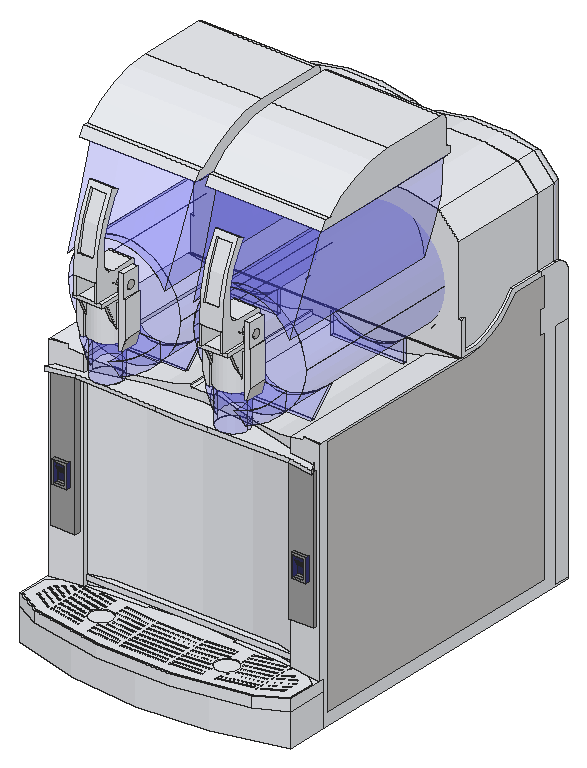
Revit family "QF_ELECTROLUXPROFESSIONAL_560051_NINA2ITNKUK", category Specialty Equipment, Revit 2018
Family settings
  Round Connector Dimension = Use Diameter
  Part Type = Normal
  Work Plane-Based = No
  Always vertical = Yes
  Cut with Voids When Loaded = No
  Shared = No
  Room Calculation Point = No
Parameters (values of type "QF_ELECTROLUX_560051_NINA2ITNKUK.rfa")
  Weight = 26.00 kg
  Watts = 0 W
  Volts = 230 V
  URL Manufacturer = "http://professional.electrolux.com"
  URL = "http://professional.electrolux.com"
  Steam Supply Size = 0 mm
  Steam Supply Minimum Pressure = 0.0 Pa
  Steam Supply Maximum Pressure = 0.0 Pa
  Steam Pounds per Hour = 0
  Refrigeration Suction Line Size = 0 mm
  Refrigeration Liquid Line Size = 0 mm
  Refrigerant Compressor Remote = yes
  Manufacturer = "Electrolux"
  Phase = 1
  Model = "NINA2ITNKUK"
  Length Actual = 280.0 mm  # constant formula
  Item Number = "560051"
  Hot Water Size = 0 mm
  Height Actual = 477.0 mm  # constant formula
  HP = "0.7 HP"
  Gas Size = 0 mm
  Gas KW = 0
  Gas Input Pressure = 0 W
  Direct Waste Size = 0 mm
  Description = "1X2 LT BOWL - FROZEN CREAM DISPENSER - 2 INSULATED BOWLS - WHITE - UK"
  Depth Actual = 387.0 mm  # constant formula
  Cycle = 50 Hz
  Condensate Return Size = 0 mm
  Compressed Air Volume = 0.0 L/s
  Compressed Air Size = 0 mm
  Compressed Air Pressure = 0.0 Pa
  Cold Water Size = 0 mm
  Accessory = yes
Reference planes
  plane 1 "Center (Front/Back)": y = 0
  plane 2 "BASE": z = 0
  plane 3 "Center (Left/Right)": x = 0
  plane 4 "FEET": z = 10
  plane 5 "FRONT": y = -175
  plane 6 "BACK": y = 212.5
  plane 7 "LEFT": x = -140
  plane 8 "RIGHT": x = 140
  plane 9: y = 152.5
  plane 10: y = -118.5
  plane 11: y = -77.5
  plane 12: z = 498
Forms (mm)
  Extrusion 1, solid, material "QF_Finishes_White"
    sketch origin (0, 0, 10) x (-1, 0, 0) y (0, -1, 0)
      loop
        line (140, -212.5) -> (140, 111) -> (-140, 111) -> (-140, -212.5) -> (140, -212.5)
    from 0 to 2
  Extrusion 2, solid, material "QF_Finishes_White"
    sketch origin (0, -5, 10) x (-1, 0, 0) y (0, -1, 0)
      loop
        line (140, 103.5) -> (106.954, 98.856) -> (106.954, 95.826)
        arc (106.954, 95.826) -> (0, 77.869) -> (-106.954, 95.826) r 327.496
        line (-106.954, 95.826) -> (-106.954, 98.856) -> (-140, 103.5) -> (-140, -201.772) -> (140, -201.772) -> (140, 103.5)
    from 265 to 0
  Extrusion 3, solid, material "QF_Finishes_Rubber Black"
    sketch origin (0, 0, 0) x (1, 0, 0) y (0, 1, 0)
      loop
        circle (-120, -77.5) r 6
    from 0 to 6
  Extrusion 4, solid, material "QF_Finishes_Rubber Black"
    sketch origin (0, 0, 0) x (1, 0, 0) y (0, 1, 0)
      loop
        circle (-120, -77.5) r 8
    from 6 to 10
  Extrusion 5, solid, material "QF_Finishes_Rubber Black"
    sketch origin (120, 0, 0) x (1, 0, 0) y (0, 1, 0)
      loop
        circle (0, -77.5) r 6
    from 0 to 6
  Extrusion 6, solid, material "QF_Finishes_Rubber Black"
    sketch origin (120, 0, 0) x (1, 0, 0) y (0, 1, 0)
      loop
        circle (0, -77.5) r 8
    from 6 to 10
  Extrusion 7, solid, material "QF_Finishes_Rubber Black"
    sketch origin (0, 210, 0) x (1, 0, 0) y (0, 1, 0)
      loop
        circle (-120, -57.5) r 6
    from 0 to 6
  Extrusion 8, solid, material "QF_Finishes_Rubber Black"
    sketch origin (0, 210, 0) x (1, 0, 0) y (0, 1, 0)
      loop
        circle (-120, -57.5) r 8
    from 6 to 10
  Extrusion 9, solid, material "QF_Finishes_Rubber Black"
    sketch origin (120, 210, 0) x (1, 0, 0) y (0, 1, 0)
      loop
        circle (0, -57.5) r 6
    from 0 to 6
  Extrusion 10, solid, material "QF_Finishes_Rubber Black"
    sketch origin (120, 210, 0) x (1, 0, 0) y (0, 1, 0)
      loop
        circle (0, -57.5) r 8
    from 6 to 10
  Extrusion 11, void
    sketch origin (0, -175, 0) x (-1, 0, 0) y (0, 0, 1)
      loop
        line (-106.954, 269.173) -> (-106.954, 266.696)
        arc (-106.954, 266.696) -> (-60, 258.966) -> (-13.046, 266.696) r 146.469
        line (-13.046, 266.696) -> (-13.046, 265.525)
        arc (-13.046, 265.525) -> (-12.46, 264.111) -> (-11.046, 263.525) r 2
        line (-11.046, 263.525) -> (11.046, 263.525)
        arc (11.046, 263.525) -> (12.46, 264.111) -> (13.046, 265.525) r 2
        line (13.046, 265.525) -> (13.046, 266.696)
        arc (13.046, 266.696) -> (60, 258.966) -> (106.954, 266.696) r 146.469
        line (106.954, 266.696) -> (106.954, 269.173) -> (140, 275) -> (140, 295) -> (-140, 295) -> (-140, 275) -> (-106.954, 269.173)
    from 69 to 247.582
  Extrusion 12, solid, material "QF_Finishes_White"
    sketch origin (0, 212.5, 0) x (-1, 0, 0) y (0, 0, 1)
      loop
        line (-140, 251.153) -> (140, 251.153) -> (140, 309.757) -> (137, 309.757) -> (137, 381.299) -> (116.549, 404.013)
        arc (116.549, 404.013) -> (65, 410.949) -> (13.451, 404.013) r 195.011
        line (13.451, 404.013) -> (0, 398.849) -> (-13.451, 404.013)
        arc (-13.451, 404.013) -> (-65, 410.949) -> (-116.549, 404.013) r 195.011
        line (-116.549, 404.013) -> (-137, 381.299) -> (-137, 309.747) -> (-140, 309.747) -> (-140, 251.153)
    from 0 to -35
  Sweep 13, void
    path origin (0, 212.5, 0) x (-1, 0, 0) y (0, 0, 1)
      loop
        line (140, 309.757) -> (137, 309.757) -> (137, 381.299) -> (116.549, 404.013)
        arc (116.549, 404.013) -> (65, 410.949) -> (13.451, 404.013) r 195.011
        line (13.451, 404.013) -> (0, 398.849) -> (-13.451, 404.013)
        arc (-13.451, 404.013) -> (-65, 410.949) -> (-116.549, 404.013) r 195.011
        line (-116.549, 404.013) -> (-137, 381.299) -> (-137, 309.747) -> (-140, 309.747)
    profile origin (126.774, 212.5, 392.656) x (-0.743145, 0, -0.669131) y (0, 1, 0)
      loop
        line (0, 0) -> (0, -14)
        arc (0, -14) -> (4.101, -4.101) -> (14, 0) r 14
        line (14, 0) -> (0, 0)
  Extrusion 14, void
    sketch origin (0, 212.5, 0) x (-1, 0, 0) y (0, 0, 1)
      loop
        line (16.817, 275.021) -> (113.183, 275.021) -> (113.183, 365.145)
        arc (113.183, 365.145) -> (65, 375.392) -> (16.817, 365.145) r 118.404
        line (16.817, 365.145) -> (16.817, 275.021)
      loop
        line (-16.817, 275.021) -> (-16.817, 365.145)
        arc (-16.817, 365.145) -> (-65, 375.392) -> (-113.183, 365.145) r 118.404
        line (-113.183, 365.145) -> (-113.183, 275.021) -> (-16.817, 275.021)
    from 0 to -5
  Extrusion 15, solid, material "QF_Finishes_White"
    sketch origin (0, 212.5, 0) x (-1, 0, 0) y (0, 0, 1)
      loop
        line (-140, 251.153) -> (-140, 12) -> (-56.141, 12) -> (-56.141, 40.419) -> (56.141, 40.419) -> (56.141, 12) -> (140, 12) -> (140, 251.153) -> (-140, 251.153)
    from 0 to -15.728
  Extrusion 16, solid, material "QF_Finishes_White"
    sketch origin (0, 0, 23) x (0, 1, 0) y (0, 0, 1)
      loop
        line (182.5, 250) -> (182.5, 281.747) -> (144.485, 281.747)
        arc (144.485, 281.747) -> (116.312, 257.654) -> (80.04, 250) r 74.988
        line (80.04, 250) -> (182.5, 250)
    from -80 to -75
  Extrusion 17, void
    sketch origin (140, 0, 0) x (0, -1, 0) y (0, 0, 1)
      loop
        line (-144.485, 304.747) -> (-182.5, 304.747) -> (-182.5, 274.585) -> (-98.821, 274.585)
        arc (-98.821, 274.585) -> (-124.503, 285.352) -> (-144.485, 304.747) r 74.988
    from 2 to 0
  Extrusion 18, void
    sketch origin (80, 0, 25) x (0, 1, 0) y (0, 0, -1)
      loop
        line (182.5, -250) -> (182.5, -245) -> (80.082, -245) -> (80.082, -248) -> (86.308, -248)
        arc (86.308, -248) -> (93.529, -248.653) -> (100.653, -250) r 74.988
        line (100.653, -250) -> (182.5, -250)
    from 0 to 2
  Extrusion 19, solid, material "QF_Finishes_Stainless Steel"
    sketch origin (140, 0, 0) x (0, -1, 0) y (0, 0, 1)
      loop
        line (-182.5, 22) -> (98.5, 22) -> (98.5, 273) -> (-86.308, 273)
        arc (-86.308, 273) -> (-93.529, 273.653) -> (-100.653, 275) r 74.988
        arc (-100.653, 275) -> (-125.283, 285.874) -> (-144.485, 304.747) r 74.988
        line (-144.485, 304.747) -> (-182.5, 304.747) -> (-182.5, 22)
    from 0 to 2
  Extrusion 20, solid, material "QF_Finishes_White"
    sketch origin (0, 212.5, 0) x (-1, 0, 0) y (0, 0, 1)
      loop
        line (13.451, 404.013) -> (0, 389.073) -> (-13.451, 404.013)
        arc (-13.451, 404.013) -> (-65, 410.949) -> (-116.549, 404.013) r 195.011
        line (-116.549, 404.013) -> (-137, 381.299) -> (-137, 309.747) -> (-140, 309.747) -> (-140, 275) -> (140, 275) -> (140, 309.757) -> (137, 309.757) -> (137, 381.299) -> (116.549, 404.013)
        arc (116.549, 404.013) -> (65, 410.949) -> (13.451, 404.013) r 195.011
    from -137.418 to -35
  Extrusion 21, solid, material "QF_Plastic-Black-Matte"
    sketch origin (-140, -10.476, 25) x (0, 1, 0) y (0, 0, 1)
      loop
        line (-98.024, 125.394) -> (-98.024, 139.994)
        arc (-98.024, 139.994) -> (-101.113, 140.604) -> (-103.877, 139.098) r 4.629
        line (-103.877, 139.098) -> (-100.57, 133.042) -> (-100.57, 125.394) -> (-98.024, 125.394)
    from 12.243 to 20.243
  Extrusion 22, solid, material "QF_Finishes_White"
    sketch origin (0, 0, 0) x (1, 0, 0) y (0, 1, 0)
      loop
        line (-140, -103.5) -> (-140, -145.5)
        arc (-140, -145.5) -> (0, -170.312) -> (140, -145.5) r 407.377
        line (140, -145.5) -> (140, -103.5) -> (106.954, -98.856) -> (106.954, -95.826)
        arc (106.954, -95.826) -> (0, -77.869) -> (-106.954, -95.826) r 327.496
        line (-106.954, -95.826) -> (-106.954, -98.856) -> (-140, -103.5)
    from 44.115 to 10
  Extrusion 23, solid, material "QF_Finishes_White"
    sketch origin (0, -175, 0) x (-1, 0, 0) y (0, 0, 1)
      loop
        line (106.954, 65.505) -> (-106.954, 65.505) -> (-106.954, 60.037) -> (106.954, 60.037) -> (106.954, 65.505)
    from 73.644 to 80.22
  Extrusion 24, void
    sketch origin (0, 0, 0) x (1, 0, 0) y (0, 1, 0)
      loop
        line (-138, -105.239) -> (-138, -137.462) -> (-109.325, -153.356)
        arc (-109.325, -153.356) -> (0, -167) -> (109.325, -153.356) r 444.831
        line (109.325, -153.356) -> (138, -137.462) -> (138, -105.239) -> (104.954, -100.594) -> (104.954, -97.548)
        arc (104.954, -97.548) -> (0, -80.148) -> (-104.954, -97.548) r 325.218
        line (-104.954, -97.548) -> (-104.954, -100.594) -> (-138, -105.239)
    from 55.5 to 23.889
  Extrusion 25, solid, material "QF_Finishes_White"
    sketch origin (0, 0, 0) x (1, 0, 0) y (0, 1, 0)
      loop
        line (-44.954, -100.084) -> (-123.341, -104.427) -> (-138, -116.081) -> (-138, -144.322) -> (-111.556, -158.98)
        arc (-111.556, -158.98) -> (0, -173) -> (111.556, -158.98) r 450.831
        line (111.556, -158.98) -> (138, -144.322) -> (138, -116.081) -> (123.341, -104.427) -> (44.954, -100.594) -> (44.954, -97.548)
        arc (44.954, -97.548) -> (0, -94.283) -> (-44.954, -97.548) r 311.082
        line (-44.954, -97.548) -> (-44.954, -100.084)
      loop
        circle (-65, -134.447) r 11.53
      loop
        arc (-104.707, -150.384) -> (-88.083, -154.11) -> (-71.328, -157.191) r 440.831
        line (-71.328, -157.191) -> (-71.328, -155.164)
        arc (-71.328, -155.164) -> (-88.084, -152.069) -> (-104.707, -148.325) r 438.831
        line (-104.707, -148.325) -> (-104.707, -150.384)
      loop
        line (-104.707, -105.973) -> (-104.707, -108.046)
        arc (-104.707, -108.046) -> (-88.098, -112.174) -> (-71.328, -115.586) r 399.831
        line (-71.328, -115.586) -> (-71.328, -113.554)
        arc (-71.328, -113.554) -> (-88.099, -110.123) -> (-104.707, -105.973) r 397.831
      loop
        arc (-104.707, -145.235) -> (-88.085, -149.006) -> (-71.328, -152.124) r 435.831
        line (-71.328, -152.124) -> (-71.328, -150.096)
        arc (-71.328, -150.096) -> (-88.086, -146.963) -> (-104.707, -143.175) r 433.831
        line (-104.707, -143.175) -> (-104.707, -145.235)
      loop
        arc (-104.707, -139.052) -> (-89.496, -142.58) -> (-74.168, -145.553) r 429.831
        line (-74.168, -145.553) -> (-74.168, -143.522)
        arc (-74.168, -143.522) -> (-89.497, -140.534) -> (-104.707, -136.989) r 427.831
        line (-104.707, -136.989) -> (-104.707, -139.052)
      loop
        arc (-104.707, -132.862) -> (-91.331, -136.043) -> (-77.858, -138.787) r 423.831
        line (-77.858, -138.787) -> (-77.858, -136.753)
        arc (-77.858, -136.753) -> (-91.331, -133.994) -> (-104.707, -130.798) r 421.831
        line (-104.707, -130.798) -> (-104.707, -132.862)
      loop
        arc (-104.707, -126.668) -> (-91.332, -129.896) -> (-77.858, -132.682) r 417.831
        line (-77.858, -132.682) -> (-77.858, -130.646)
        arc (-77.858, -130.646) -> (-91.333, -127.846) -> (-104.707, -124.601) r 415.831
        line (-104.707, -124.601) -> (-104.707, -126.668)
      loop
        arc (-104.707, -120.467) -> (-90.026, -124.04) -> (-75.223, -127.072) r 411.831
        line (-75.223, -127.072) -> (-75.223, -125.037)
        arc (-75.223, -125.037) -> (-90.027, -121.99) -> (-104.707, -118.399) r 409.831
        line (-104.707, -118.399) -> (-104.707, -120.467)
      loop
        arc (-104.707, -114.26) -> (-88.096, -118.323) -> (-71.328, -121.683) r 405.831
        line (-71.328, -121.683) -> (-71.328, -119.651)
        arc (-71.328, -119.651) -> (-88.097, -116.274) -> (-104.707, -112.189) r 403.831
        line (-104.707, -112.189) -> (-104.707, -114.26)
      loop
        arc (-88.807, -105.857) -> (-80.088, -107.771) -> (-71.328, -109.487) r 393.831
        line (-71.328, -109.487) -> (-71.328, -107.453)
        arc (-71.328, -107.453) -> (-80.088, -105.728) -> (-88.807, -103.804) r 391.831
        line (-88.807, -103.804) -> (-88.807, -105.857)
      loop
        line (-58.672, -109.582) -> (-58.672, -111.605)
        arc (-58.672, -111.605) -> (-42.843, -113.663) -> (-26.943, -115.077) r 393.831
        line (-26.943, -115.077) -> (-26.943, -113.073)
        arc (-26.943, -113.073) -> (-42.843, -111.651) -> (-58.672, -109.582) r 391.831
      loop
        line (-58.672, -157.06) -> (-58.672, -159.078)
        arc (-58.672, -159.078) -> (-42.835, -160.914) -> (-26.943, -162.176) r 440.831
        line (-26.943, -162.176) -> (-26.943, -160.172)
        arc (-26.943, -160.172) -> (-42.836, -158.904) -> (-58.672, -157.06) r 438.831
      loop
        arc (-58.672, -154.033) -> (-42.836, -155.89) -> (-26.943, -157.166) r 435.831
        line (-26.943, -157.166) -> (-26.943, -155.163)
        arc (-26.943, -155.163) -> (-42.836, -153.88) -> (-58.672, -152.014) r 433.831
        line (-58.672, -152.014) -> (-58.672, -154.033)
      loop
        arc (-58.672, -147.977) -> (-42.837, -149.86) -> (-26.943, -151.155) r 429.831
        line (-26.943, -151.155) -> (-26.943, -149.151)
        arc (-26.943, -149.151) -> (-42.837, -147.85) -> (-58.672, -145.958) r 427.831
        line (-58.672, -145.958) -> (-58.672, -147.977)
      loop
        arc (-53, -142.673) -> (-39.99, -144.109) -> (-26.943, -145.143) r 423.831
        line (-26.943, -145.143) -> (-26.943, -143.139)
        arc (-26.943, -143.139) -> (-39.991, -142.1) -> (-53, -140.657) r 421.831
        line (-53, -140.657) -> (-53, -142.673)
      loop
        arc (-51.012, -136.874) -> (-38.993, -138.177) -> (-26.943, -139.13) r 417.831
        line (-26.943, -139.13) -> (-26.943, -137.126)
        arc (-26.943, -137.126) -> (-38.994, -136.168) -> (-51.012, -134.859) r 415.831
        line (-51.012, -134.859) -> (-51.012, -136.874)
      loop
        arc (-51.012, -130.829) -> (-38.994, -132.15) -> (-26.943, -133.118) r 411.831
        line (-26.943, -133.118) -> (-26.943, -131.113)
        arc (-26.943, -131.113) -> (-38.994, -130.141) -> (-51.012, -128.813) r 409.831
        line (-51.012, -128.813) -> (-51.012, -130.829)
      loop
        arc (-58.672, -123.736) -> (-42.841, -125.732) -> (-26.943, -127.105) r 405.831
        line (-26.943, -127.105) -> (-26.943, -125.1)
        arc (-26.943, -125.1) -> (-42.841, -123.721) -> (-58.672, -121.715) r 403.831
        line (-58.672, -121.715) -> (-58.672, -123.736)
      loop
        arc (-58.672, -117.672) -> (-42.842, -119.698) -> (-26.943, -121.091) r 399.831
        line (-26.943, -121.091) -> (-26.943, -119.087)
        arc (-26.943, -119.087) -> (-42.842, -117.686) -> (-58.672, -115.65) r 397.831
        line (-58.672, -115.65) -> (-58.672, -117.672)
      loop
        arc (23.123, -113.317) -> (0, -114) -> (-23.123, -113.317) r 391.831
        line (-23.123, -113.317) -> (-23.123, -115.321)
        arc (-23.123, -115.321) -> (0, -116) -> (23.123, -115.321) r 393.831
        line (23.123, -115.321) -> (23.123, -113.317)
      loop
        arc (23.123, -119.327) -> (0, -120) -> (-23.123, -119.327) r 397.831
        line (-23.123, -119.327) -> (-23.123, -121.331)
        arc (-23.123, -121.331) -> (0, -122) -> (23.123, -121.331) r 399.831
        line (23.123, -121.331) -> (23.123, -119.327)
      loop
        arc (23.123, -125.337) -> (0, -126) -> (-23.123, -125.337) r 403.831
        line (-23.123, -125.337) -> (-23.123, -127.341)
        arc (-23.123, -127.341) -> (0, -128) -> (23.123, -127.341) r 405.831
        line (23.123, -127.341) -> (23.123, -125.337)
      loop
        arc (23.123, -131.347) -> (0, -132) -> (-23.123, -131.347) r 409.831
        line (-23.123, -131.347) -> (-23.123, -133.35)
        arc (-23.123, -133.35) -> (0, -134) -> (23.123, -133.35) r 411.831
        line (23.123, -133.35) -> (23.123, -131.347)
      loop
        arc (23.123, -137.357) -> (0, -138) -> (-23.123, -137.357) r 415.831
        line (-23.123, -137.357) -> (-23.123, -139.36)
        arc (-23.123, -139.36) -> (0, -140) -> (23.123, -139.36) r 417.831
        line (23.123, -139.36) -> (23.123, -137.357)
      loop
        arc (23.123, -143.366) -> (0, -144) -> (-23.123, -143.366) r 421.831
        line (-23.123, -143.366) -> (-23.123, -145.369)
        arc (-23.123, -145.369) -> (0, -146) -> (23.123, -145.369) r 423.831
        line (23.123, -145.369) -> (23.123, -143.366)
      loop
        arc (23.123, -149.375) -> (0, -150) -> (-23.123, -149.375) r 427.831
        line (-23.123, -149.375) -> (-23.123, -151.378)
        arc (-23.123, -151.378) -> (0, -152) -> (23.123, -151.378) r 429.831
        line (23.123, -151.378) -> (23.123, -149.375)
      loop
        arc (23.123, -155.383) -> (0, -156) -> (-23.123, -155.383) r 433.831
        line (-23.123, -155.383) -> (-23.123, -157.386)
        arc (-23.123, -157.386) -> (0, -158) -> (23.123, -157.386) r 435.831
        line (23.123, -157.386) -> (23.123, -155.383)
      loop
        arc (23.123, -160.39) -> (0, -161) -> (-23.123, -160.39) r 438.831
        line (-23.123, -160.39) -> (-23.123, -162.393)
        arc (-23.123, -162.393) -> (0, -163) -> (23.123, -162.393) r 440.831
        line (23.123, -162.393) -> (23.123, -160.39)
      loop
        line (-128, -138.431) -> (-107.36, -149.872) -> (-107.36, -147.586) -> (-128, -136.145) -> (-128, -138.431)
      loop
        line (-128, -131.571) -> (-107.36, -143.012) -> (-107.36, -140.725) -> (-128, -129.285) -> (-128, -131.571)
      loop
        line (-128, -124.711) -> (-107.36, -136.152) -> (-107.36, -133.865) -> (-128, -122.425) -> (-128, -124.711)
      loop
        line (-125.736, -119.106) -> (-107.36, -129.292) -> (-107.36, -127.005) -> (-124.042, -117.759) -> (-125.736, -119.106)
      loop
        line (-120.652, -115.064) -> (-107.36, -122.432) -> (-107.36, -120.145) -> (-118.958, -113.717) -> (-120.652, -115.064)
      loop
        line (-115.568, -111.022) -> (-107.36, -115.572) -> (-107.36, -113.285) -> (-113.873, -109.675) -> (-115.568, -111.022)
      loop
        line (-110.484, -106.98) -> (-107.36, -108.712) -> (-107.36, -106.425) -> (-108.789, -105.633) -> (-110.484, -106.98)
      loop
        circle (65, -134.447) r 11.53
      loop
        line (104.707, -150.384) -> (104.707, -148.325)
        arc (104.707, -148.325) -> (88.084, -152.069) -> (71.328, -155.164) r 438.831
        line (71.328, -155.164) -> (71.328, -157.191)
        arc (71.328, -157.191) -> (88.083, -154.11) -> (104.707, -150.384) r 440.831
      loop
        arc (104.707, -105.973) -> (88.099, -110.123) -> (71.328, -113.554) r 397.831
        line (71.328, -113.554) -> (71.328, -115.586)
        arc (71.328, -115.586) -> (88.098, -112.174) -> (104.707, -108.046) r 399.831
        line (104.707, -108.046) -> (104.707, -105.973)
      loop
        line (104.707, -145.235) -> (104.707, -143.175)
        arc (104.707, -143.175) -> (88.086, -146.963) -> (71.328, -150.096) r 433.831
        line (71.328, -150.096) -> (71.328, -152.124)
        arc (71.328, -152.124) -> (88.085, -149.006) -> (104.707, -145.235) r 435.831
      loop
        line (104.707, -139.052) -> (104.707, -136.989)
        arc (104.707, -136.989) -> (89.497, -140.534) -> (74.168, -143.522) r 427.831
        line (74.168, -143.522) -> (74.168, -145.553)
        arc (74.168, -145.553) -> (89.496, -142.58) -> (104.707, -139.052) r 429.831
      loop
        line (104.707, -132.862) -> (104.707, -130.798)
        arc (104.707, -130.798) -> (91.331, -133.994) -> (77.858, -136.753) r 421.831
        line (77.858, -136.753) -> (77.858, -138.787)
        arc (77.858, -138.787) -> (91.331, -136.043) -> (104.707, -132.862) r 423.831
      loop
        line (104.707, -126.668) -> (104.707, -124.601)
        arc (104.707, -124.601) -> (91.333, -127.846) -> (77.858, -130.646) r 415.831
        line (77.858, -130.646) -> (77.858, -132.682)
        arc (77.858, -132.682) -> (91.332, -129.896) -> (104.707, -126.668) r 417.831
      loop
        line (104.707, -120.467) -> (104.707, -118.399)
        arc (104.707, -118.399) -> (90.027, -121.99) -> (75.223, -125.037) r 409.831
        line (75.223, -125.037) -> (75.223, -127.072)
        arc (75.223, -127.072) -> (90.026, -124.04) -> (104.707, -120.467) r 411.831
      loop
        line (104.707, -114.26) -> (104.707, -112.189)
        arc (104.707, -112.189) -> (88.097, -116.274) -> (71.328, -119.651) r 403.831
        line (71.328, -119.651) -> (71.328, -121.683)
        arc (71.328, -121.683) -> (88.096, -118.323) -> (104.707, -114.26) r 405.831
      loop
        line (88.807, -105.857) -> (88.807, -103.804)
        arc (88.807, -103.804) -> (80.088, -105.728) -> (71.328, -107.453) r 391.831
        line (71.328, -107.453) -> (71.328, -109.487)
        arc (71.328, -109.487) -> (80.088, -107.771) -> (88.807, -105.857) r 393.831
      loop
        arc (58.672, -109.582) -> (42.843, -111.651) -> (26.943, -113.073) r 391.831
        line (26.943, -113.073) -> (26.943, -115.077)
        arc (26.943, -115.077) -> (42.843, -113.663) -> (58.672, -111.605) r 393.831
        line (58.672, -111.605) -> (58.672, -109.582)
      loop
        arc (58.672, -157.06) -> (42.836, -158.904) -> (26.943, -160.172) r 438.831
        line (26.943, -160.172) -> (26.943, -162.176)
        arc (26.943, -162.176) -> (42.835, -160.914) -> (58.672, -159.078) r 440.831
        line (58.672, -159.078) -> (58.672, -157.06)
      loop
        line (58.672, -154.033) -> (58.672, -152.014)
        arc (58.672, -152.014) -> (42.836, -153.88) -> (26.943, -155.163) r 433.831
        line (26.943, -155.163) -> (26.943, -157.166)
        arc (26.943, -157.166) -> (42.836, -155.89) -> (58.672, -154.033) r 435.831
      loop
        line (58.672, -147.977) -> (58.672, -145.958)
        arc (58.672, -145.958) -> (42.837, -147.85) -> (26.943, -149.151) r 427.831
        line (26.943, -149.151) -> (26.943, -151.155)
        arc (26.943, -151.155) -> (42.837, -149.86) -> (58.672, -147.977) r 429.831
      loop
        line (53, -142.673) -> (53, -140.657)
        arc (53, -140.657) -> (39.991, -142.1) -> (26.943, -143.139) r 421.831
        line (26.943, -143.139) -> (26.943, -145.143)
        arc (26.943, -145.143) -> (39.99, -144.109) -> (53, -142.673) r 423.831
      loop
        line (51.012, -136.874) -> (51.012, -134.859)
        arc (51.012, -134.859) -> (38.994, -136.168) -> (26.943, -137.126) r 415.831
        line (26.943, -137.126) -> (26.943, -139.13)
        arc (26.943, -139.13) -> (38.993, -138.177) -> (51.012, -136.874) r 417.831
      loop
        line (51.012, -130.829) -> (51.012, -128.813)
        arc (51.012, -128.813) -> (38.994, -130.141) -> (26.943, -131.113) r 409.831
        line (26.943, -131.113) -> (26.943, -133.118)
        arc (26.943, -133.118) -> (38.994, -132.15) -> (51.012, -130.829) r 411.831
      loop
        line (58.672, -123.736) -> (58.672, -121.715)
        arc (58.672, -121.715) -> (42.841, -123.721) -> (26.943, -125.1) r 403.831
        line (26.943, -125.1) -> (26.943, -127.105)
        arc (26.943, -127.105) -> (42.841, -125.732) -> (58.672, -123.736) r 405.831
      loop
        line (58.672, -117.672) -> (58.672, -115.65)
        arc (58.672, -115.65) -> (42.842, -117.686) -> (26.943, -119.087) r 397.831
        line (26.943, -119.087) -> (26.943, -121.091)
        arc (26.943, -121.091) -> (42.842, -119.698) -> (58.672, -117.672) r 399.831
      loop
        line (128, -138.431) -> (128, -136.145) -> (107.36, -147.586) -> (107.36, -149.872) -> (128, -138.431)
      loop
        line (128, -131.571) -> (128, -129.285) -> (107.36, -140.725) -> (107.36, -143.012) -> (128, -131.571)
      loop
        line (128, -124.711) -> (128, -122.425) -> (107.36, -133.865) -> (107.36, -136.152) -> (128, -124.711)
      loop
        line (125.736, -119.106) -> (124.042, -117.759) -> (107.36, -127.005) -> (107.36, -129.292) -> (125.736, -119.106)
      loop
        line (120.652, -115.064) -> (118.958, -113.717) -> (107.36, -120.145) -> (107.36, -122.432) -> (120.652, -115.064)
      loop
        line (115.568, -111.022) -> (113.873, -109.675) -> (107.36, -113.285) -> (107.36, -115.572) -> (115.568, -111.022)
      loop
        line (110.484, -106.98) -> (108.789, -105.633) -> (107.36, -106.425) -> (107.36, -108.712) -> (110.484, -106.98)
    from 50.2 to 55.5
  Extrusion 26, void
    sketch origin (0, 0, 0) x (1, 0, 0) y (0, 1, 0)
      loop
        line (-110, 212.5) -> (-25.251, 187.751) -> (-25.251, 177.5) -> (25.251, 177.5) -> (25.251, 187.751) -> (110, 212.5) -> (-110, 212.5)
    from 10 to 44.899
  Extrusion 27, solid, material "QF_Finishes_Rubber Black"
    sketch origin (0, 212.5, 0) x (-1, 0, 0) y (0, 0, 1)
      loop
        circle (0, 25.877) r 10
    from -24.749 to -18.988
  Extrusion 28, solid, material "QF_Finishes_Gray"
    sketch origin (0, -175, 23.376) x (1, 0, 0) y (0, 0, -1)
      loop
        line (-110.904, -226.255) -> (-110.904, -81.255) -> (-135.904, -81.255) -> (-135.904, -226.255) -> (-110.904, -226.255)
    from 64 to 71.144
  Extrusion 29, solid, material "QF_Finishes_Dark Grey"
    sketch origin (0, -175, 25) x (1, 0, 0) y (0, 0, -1)
      loop
        line (-116.257, -145.034) -> (-116.257, -121.212) -> (-131.257, -121.212) -> (-131.257, -145.034) -> (-116.257, -145.034)
      loop
        line (-118.257, -143.034) -> (-118.257, -123.212) -> (-129.257, -123.212) -> (-129.257, -143.034) -> (-118.257, -143.034)
    from 60 to 68
  Extrusion 30, solid, material "QF_Plastic-Black-Matte"
    sketch origin (140, -10.476, 25) x (0, 1, 0) y (0, 0, -1)
      loop
        line (-98.024, -125.394) -> (-100.57, -125.394) -> (-100.57, -133.042) -> (-103.877, -139.098)
        arc (-103.877, -139.098) -> (-101.113, -140.604) -> (-98.024, -139.994) r 4.629
        line (-98.024, -139.994) -> (-98.024, -125.394)
    from 12.243 to 20.243
  Extrusion 31, solid, material "QF_Finishes_Gray"
    sketch origin (0, -175, 23.376) x (-1, 0, 0) y (0, 0, 1)
      loop
        line (-110.904, 226.255) -> (-135.904, 226.255) -> (-135.904, 81.255) -> (-110.904, 81.255) -> (-110.904, 226.255)
    from 64 to 71.144
  Extrusion 32, solid, material "QF_Finishes_Dark Grey"
    sketch origin (0, -175, 25) x (-1, 0, 0) y (0, 0, 1)
      loop
        line (-116.257, 145.034) -> (-131.257, 145.034) -> (-131.257, 121.212) -> (-116.257, 121.212) -> (-116.257, 145.034)
      loop
        line (-118.257, 143.034) -> (-129.257, 143.034) -> (-129.257, 123.212) -> (-118.257, 123.212) -> (-118.257, 143.034)
    from 60 to 68
  Extrusion 33, void
    sketch origin (140, 0, 0) x (0, -1, 0) y (0, 0, 1)
      loop
        line (-182.5, 22) -> (98.5, 22) -> (98.5, 273) -> (-86.308, 273)
        arc (-86.308, 273) -> (-93.529, 273.653) -> (-100.653, 275) r 74.988
        arc (-100.653, 275) -> (-127.713, 287.595) -> (-147.717, 309.747) r 74.988
        line (-147.717, 309.747) -> (-182.5, 309.747) -> (-182.5, 22)
    from 0 to 2
  Extrusion 34, void
    sketch origin (140, 0, 0) x (0, -1, 0) y (0, 0, 1)
      loop
        line (-80.082, 278.003) -> (-80.082, 313.557) -> (-144.144, 313.557)
        arc (-144.144, 313.557) -> (-117.137, 286.727) -> (-80.082, 278.003) r 69.988
    from 0 to 3
  Extrusion 35, void
    sketch origin (-140, 0, 0) x (0, -1, 0) y (0, 0, -1)
      loop
        line (-182.5, -22) -> (-182.5, -275) -> (-100.653, -275)
        arc (-100.653, -275) -> (-93.529, -273.653) -> (-86.308, -273) r 74.988
        line (-86.308, -273) -> (98.5, -273) -> (98.5, -22) -> (-182.5, -22)
    from 0 to 2
  Extrusion 36, void
    sketch origin (-140, 0, 0) x (0, -1, 0) y (0, 0, -1)
      loop
        arc (-80.082, -278.003) -> (-117.137, -286.727) -> (-144.144, -313.557) r 69.988
        line (-144.144, -313.557) -> (-80.082, -313.557) -> (-80.082, -278.003)
    from 0 to 3
  Extrusion 37, void
    sketch origin (-140, 0, 0) x (0, 1, 0) y (0, 0, 1)
      loop
        arc (144.485, 304.747) -> (125.283, 285.874) -> (100.653, 275) r 74.988
        line (100.653, 275) -> (182.5, 275) -> (182.5, 304.747) -> (144.485, 304.747)
    from 0 to 2
  Extrusion 38, solid, material "QF_Finishes_Stainless Steel"
    sketch origin (-140, 0, 0) x (0, 1, 0) y (0, 0, 1)
      loop
        line (182.5, 22) -> (182.5, 304.747) -> (144.485, 304.747)
        arc (144.485, 304.747) -> (119.094, 282.098) -> (86.308, 273) r 74.988
        line (86.308, 273) -> (-98.5, 273) -> (-98.5, 22) -> (182.5, 22)
    from 0 to 2
  Extrusion 39, solid, material "QF_Finishes_White"
    sketch origin (0, 0, 0) x (1, 0, 0) y (0, 1, 0)
      loop
        line (-110.904, -111) -> (-26.943, -113.073)
        arc (-26.943, -113.073) -> (0, -114.518) -> (26.943, -113.073) r 251.878
        line (26.943, -113.073) -> (110.904, -111) -> (138, -116.081) -> (129.918, -102.083) -> (106.954, -98.856) -> (106.954, -95.826)
        arc (106.954, -95.826) -> (0, -77.869) -> (-106.954, -95.826) r 327.496
        line (-106.954, -95.826) -> (-106.954, -98.856) -> (-129.918, -102.083) -> (-138, -116.081) -> (-110.904, -111)
    from 249.631 to 253.978
  Extrusion 40, solid, material "QF_Finishes_White"
    sketch origin (0, 0, 0) x (1, 0, 0) y (0, 1, 0)
      loop
        line (-140, -103.5) -> (-140, -145.5) -> (-112.301, -160.854)
        arc (-112.301, -160.854) -> (0, -175) -> (112.301, -160.854) r 452.831
        line (112.301, -160.854) -> (140, -145.5) -> (140, -103.5) -> (106.954, -98.856) -> (106.954, -95.826)
        arc (106.954, -95.826) -> (0, -77.869) -> (-106.954, -95.826) r 327.496
        line (-106.954, -95.826) -> (-106.954, -98.856) -> (-140, -103.5)
    from 55.5 to 44.115
  Extrusion 41, solid, material "QF_Clearances", detail levels coarse
    sketch origin (-130.708, 37.984, 0) x (1, 0, 0) y (0, 1, 0)
      loop
        line (-9.292, -212.984) -> (-9.292, 174.516) -> (270.708, 174.516) -> (270.708, -212.984) -> (420.708, -212.984) -> (420.708, 324.516) -> (-159.292, 324.516) -> (-159.292, -212.984) -> (-9.292, -212.984)
    from 0 to 498
Cuts and joins
  Extrusion 24, Extrusion 26, Extrusion 35, Extrusion 37 cuts Extrusion 1
  Extrusion 11, Extrusion 17, Extrusion 18, Extrusion 26, Extrusion 33, Extrusion 35, Extrusion 37 cuts Extrusion 2
  Sweep 13, Extrusion 14, Extrusion 17, Extrusion 18, Extrusion 26, Extrusion 35, Extrusion 37 cuts Extrusion 12
  Extrusion 17, Extrusion 18, Extrusion 26, Extrusion 35, Extrusion 37 cuts Extrusion 16
  joined: Extrusion 1, Extrusion 2, Extrusion 12, Extrusion 16
  Extrusion 24 cuts Extrusion 22
  Extrusion 17, Extrusion 34, Extrusion 35, Extrusion 36, Extrusion 37 cuts Extrusion 20
  Extrusion 26 cuts Extrusion 15
  Extrusion 35 cuts Extrusion 19
Lines and regions (mm)
  Split face 1
    outline origin (0, -111, 23.376) x (1, 0, 0) y (0, 0, 1)
      loop
        line (-122.947, 214.275) -> (-125.479, 214.275) -> (-125.479, 210.296) -> (-129.457, 210.296) -> (-129.457, 207.765) -> (-125.479, 207.765) -> (-125.479, 203.787) -> (-122.947, 203.787) -> (-122.947, 207.765) -> (-118.969, 207.765) -> (-118.969, 210.296) -> (-122.947, 210.296) -> (-122.947, 214.275)
  Split face 2
    outline origin (0, -111, 23.376) x (1, 0, 0) y (0, 0, 1)
      loop
        line (-118.969, 114.095) -> (-129.457, 114.095) -> (-129.457, 111.563) -> (-118.969, 111.563) -> (-118.969, 114.095)
  Split face 3
    outline origin (0, -111, 23.376) x (1, 0, 0) y (0, 0, 1)
      loop
        line (-121.32, 199.266) -> (-127.287, 199.266) -> (-127.287, 196.825) -> (-121.32, 196.825) -> (-121.32, 199.266)
  Split face 4
    outline origin (0, -111, 19.85) x (1, 0, 0) y (0, 0, 1)
      loop
        line (-121.32, 199.266) -> (-127.287, 199.266) -> (-127.287, 196.825) -> (-121.32, 196.825) -> (-121.32, 199.266)
  Split face 5
    outline origin (0, -111, 16.414) x (1, 0, 0) y (0, 0, 1)
      loop
        line (-121.32, 199.266) -> (-127.287, 199.266) -> (-127.287, 196.825) -> (-121.32, 196.825) -> (-121.32, 199.266)
  Split face 6
    outline origin (0, -111, 12.888) x (1, 0, 0) y (0, 0, 1)
      loop
        line (-121.32, 199.266) -> (-127.287, 199.266) -> (-127.287, 196.825) -> (-121.32, 196.825) -> (-121.32, 199.266)
  Split face 7
    outline origin (0, -111, 9.376) x (1, 0, 0) y (0, 0, 1)
      loop
        line (-121.32, 199.266) -> (-127.287, 199.266) -> (-127.287, 196.825) -> (-121.32, 196.825) -> (-121.32, 199.266)
  Split face 8
    outline origin (0, -111, 5.85) x (1, 0, 0) y (0, 0, 1)
      loop
        line (-121.32, 199.266) -> (-127.287, 199.266) -> (-127.287, 196.825) -> (-121.32, 196.825) -> (-121.32, 199.266)
  Split face 9
    outline origin (0, -111, 2.414) x (1, 0, 0) y (0, 0, 1)
      loop
        line (-121.32, 199.266) -> (-127.287, 199.266) -> (-127.287, 196.825) -> (-121.32, 196.825) -> (-121.32, 199.266)
  Split face 10
    outline origin (0, -111, -1.112) x (1, 0, 0) y (0, 0, 1)
      loop
        line (-121.32, 199.266) -> (-127.287, 199.266) -> (-127.287, 196.825) -> (-121.32, 196.825) -> (-121.32, 199.266)
  Split face 11
    outline origin (0, -111, 23.376) x (-1, 0, 0) y (0, 0, 1)
      loop
        line (-122.947, 214.275) -> (-125.479, 214.275) -> (-125.479, 210.296) -> (-129.457, 210.296) -> (-129.457, 207.765) -> (-125.479, 207.765) -> (-125.479, 203.787) -> (-122.947, 203.787) -> (-122.947, 207.765) -> (-118.969, 207.765) -> (-118.969, 210.296) -> (-122.947, 210.296) -> (-122.947, 214.275)
  Split face 12
    outline origin (0, -111, 23.376) x (-1, 0, 0) y (0, 0, 1)
      loop
        line (-118.969, 114.095) -> (-129.457, 114.095) -> (-129.457, 111.563) -> (-118.969, 111.563) -> (-118.969, 114.095)
  Split face 13
    outline origin (0, -111, 23.376) x (-1, 0, 0) y (0, 0, 1)
      loop
        line (-121.32, 199.266) -> (-127.287, 199.266) -> (-127.287, 196.825) -> (-121.32, 196.825) -> (-121.32, 199.266)
  Split face 14
    outline origin (0, -111, 19.85) x (-1, 0, 0) y (0, 0, 1)
      loop
        line (-121.32, 199.266) -> (-127.287, 199.266) -> (-127.287, 196.825) -> (-121.32, 196.825) -> (-121.32, 199.266)
  Split face 15
    outline origin (0, -111, 16.414) x (-1, 0, 0) y (0, 0, 1)
      loop
        line (-121.32, 199.266) -> (-127.287, 199.266) -> (-127.287, 196.825) -> (-121.32, 196.825) -> (-121.32, 199.266)
  Split face 16
    outline origin (0, -111, 12.888) x (-1, 0, 0) y (0, 0, 1)
      loop
        line (-121.32, 199.266) -> (-127.287, 199.266) -> (-127.287, 196.825) -> (-121.32, 196.825) -> (-121.32, 199.266)
  Split face 17
    outline origin (0, -111, 9.376) x (-1, 0, 0) y (0, 0, 1)
      loop
        line (-121.32, 199.266) -> (-127.287, 199.266) -> (-127.287, 196.825) -> (-121.32, 196.825) -> (-121.32, 199.266)
  Split face 18
    outline origin (0, -111, 5.85) x (-1, 0, 0) y (0, 0, 1)
      loop
        line (-121.32, 199.266) -> (-127.287, 199.266) -> (-127.287, 196.825) -> (-121.32, 196.825) -> (-121.32, 199.266)
  Split face 19
    outline origin (0, -111, 2.414) x (-1, 0, 0) y (0, 0, 1)
      loop
        line (-121.32, 199.266) -> (-127.287, 199.266) -> (-127.287, 196.825) -> (-121.32, 196.825) -> (-121.32, 199.266)
  Split face 20
    outline origin (0, -111, -1.112) x (-1, 0, 0) y (0, 0, 1)
      loop
        line (-121.32, 199.266) -> (-127.287, 199.266) -> (-127.287, 196.825) -> (-121.32, 196.825) -> (-121.32, 199.266)
  symbolic lines
    curve 1: line (-140, 212.5, 0) -> (-140, -145.5, 0)
    curve 2: line (140, -145.5, 0) -> (140, 212.5, 0)
    curve 3: line (140, 212.5, 0) -> (-140, 212.5, 0)
    curve 4: spline (-108.946, 212.467, 0) -> (-109.891, 212.395, 0) -> (-110.822, 212.094, 0) -> (-111.727, 211.569, 0) -> (-112.589, 210.83, 0) -> (-113.395, 209.886, 0) -> (-114.133, 208.754, 0) -> (-114.789, 207.452, 0) -> (-115.355, 206.001, 0) -> (-115.82, 204.424, 0) -> (-116.178, 202.746, 0) -> (-116.422, 200.995, 0) -> (-116.549, 199.198, 0)
    curve 5: arc (-123, 212.5, 0) -> (-132.899, 208.399, 0) -> (-137, 198.5, 0) r 14
    curve 6: spline (-13.451, 198.523, 0) -> (-13.498, 200.349, 0) -> (-13.617, 202.144, 0) -> (-13.806, 203.876, 0) -> (-14.063, 205.516, 0) -> (-14.382, 207.036, 0) -> (-14.759, 208.411, 0) -> (-15.186, 209.616, 0) -> (-15.657, 210.631, 0) -> (-16.164, 211.439, 0) -> (-16.698, 212.026, 0) -> (-17.249, 212.381, 0) -> (-17.809, 212.5, 0)
    curve 7: spline (17.809, 212.499, 0) -> (17.244, 212.382, 0) -> (16.689, 212.031, 0) -> (16.153, 211.452, 0) -> (15.645, 210.653, 0) -> (15.173, 209.65, 0) -> (14.746, 208.459, 0) -> (14.37, 207.099, 0) -> (14.052, 205.594, 0) -> (13.798, 203.97, 0) -> (13.611, 202.253, 0) -> (13.495, 200.472, 0) -> (13.451, 198.658, 0)
    curve 8: spline (116.549, 198.668, 0) -> (116.412, 200.516, 0) -> (116.158, 202.324, 0) -> (115.791, 204.063, 0) -> (115.317, 205.703, 0) -> (114.745, 207.216, 0) -> (114.083, 208.576, 0) -> (113.344, 209.762, 0) -> (112.539, 210.753, 0) -> (111.682, 211.532, 0) -> (110.787, 212.086, 0) -> (109.87, 212.406, 0) -> (108.946, 212.487, 0)
    curve 9: arc (123, 212.5, 0) -> (132.899, 208.399, 0) -> (137, 198.5, 0) r 14
    curve 10: line (137, -108.078, 0) -> (137, 198.5, 0)
    curve 11: line (-116.549, 90.474, 0) -> (-116.549, 199.198, 0)
    curve 12: line (-13.451, 90.474, 0) -> (-13.451, 198.523, 0)
    curve 13: line (13.451, 90.474, 0) -> (13.451, 198.658, 0)
    curve 14: line (116.549, 90.474, 0) -> (116.549, 198.668, 0)
    curve 15: line (-140, -145.5, 0) -> (-112.301, -160.854, 0)
    curve 16: arc (-112.301, -160.854, 0) -> (0, -175, 0) -> (112.301, -160.854, 0) r 452.831
    curve 17: arc (-111.556, -158.98, 0) -> (0, -173, 0) -> (111.556, -158.98, 0) r 450.831
    curve 18: line (-138, -144.322, 0) -> (-111.556, -158.98, 0)
    curve 19: line (-138, -116.081, 0) -> (-138, -144.322, 0)
    curve 20: line (112.301, -160.854, 0) -> (140, -145.5, 0)
    curve 21: line (111.556, -158.98, 0) -> (138, -144.322, 0)
    curve 22: line (138, -144.322, 0) -> (138, -116.081, 0)
    curve 23: line (128, -138.431, 0) -> (107.36, -149.872, 0)
    curve 24: arc (104.707, -150.384, 0) -> (88.083, -154.11, 0) -> (71.328, -157.191, 0) r 440.831
    curve 25: arc (58.672, -159.078, 0) -> (42.835, -160.914, 0) -> (26.943, -162.176, 0) r 440.831
    curve 26: arc (23.123, -162.393, 0) -> (0, -163, 0) -> (-23.123, -162.393, 0) r 440.831
    curve 27: arc (-23.123, -160.39, 0) -> (0, -161, 0) -> (23.123, -160.39, 0) r 438.831
    curve 28: arc (23.123, -157.386, 0) -> (0, -158, 0) -> (-23.123, -157.386, 0) r 435.831
    curve 29: arc (-23.123, -155.383, 0) -> (0, -156, 0) -> (23.123, -155.383, 0) r 433.831
    curve 30: arc (23.123, -151.378, 0) -> (0, -152, 0) -> (-23.123, -151.378, 0) r 429.831
    curve 31: arc (-23.123, -149.375, 0) -> (0, -150, 0) -> (23.123, -149.375, 0) r 427.831
    curve 32: arc (23.123, -145.369, 0) -> (0, -146, 0) -> (-23.123, -145.369, 0) r 423.831
    curve 33: arc (-23.123, -143.366, 0) -> (0, -144, 0) -> (23.123, -143.366, 0) r 421.831
    curve 34: arc (23.123, -139.36, 0) -> (0, -140, 0) -> (-23.123, -139.36, 0) r 417.831
    curve 35: arc (-23.123, -137.357, 0) -> (0, -138, 0) -> (23.123, -137.357, 0) r 415.831
    curve 36: arc (23.123, -133.35, 0) -> (0, -134, 0) -> (-23.123, -133.35, 0) r 411.831
    curve 37: arc (-23.123, -131.347, 0) -> (0, -132, 0) -> (23.123, -131.347, 0) r 409.831
    curve 38: arc (23.123, -127.341, 0) -> (0, -128, 0) -> (-23.123, -127.341, 0) r 405.831
    curve 39: arc (-23.123, -125.337, 0) -> (0, -126, 0) -> (23.123, -125.337, 0) r 403.831
    curve 40: arc (23.123, -121.331, 0) -> (0, -122, 0) -> (-23.123, -121.331, 0) r 399.831
    curve 41: arc (-23.123, -119.327, 0) -> (0, -120, 0) -> (23.123, -119.327, 0) r 397.831
    curve 42: line (26.943, -121.091, 0) -> (26.943, -119.087, 0)
    curve 43: line (23.123, -119.327, 0) -> (23.123, -121.331, 0)
    curve 44: line (23.123, -125.337, 0) -> (23.123, -127.341, 0)
    curve 45: line (26.943, -127.105, 0) -> (26.943, -125.1, 0)
    curve 46: line (26.943, -133.118, 0) -> (26.943, -131.113, 0)
    curve 47: line (23.123, -131.347, 0) -> (23.123, -133.35, 0)
    curve 48: line (23.123, -137.357, 0) -> (23.123, -139.36, 0)
    curve 49: line (26.943, -139.13, 0) -> (26.943, -137.126, 0)
    curve 50: line (23.123, -143.366, 0) -> (23.123, -145.369, 0)
    curve 51: line (23.123, -149.375, 0) -> (23.123, -151.378, 0)
    curve 52: line (23.123, -155.383, 0) -> (23.123, -157.386, 0)
    curve 53: line (23.123, -160.39, 0) -> (23.123, -162.393, 0)
    curve 54: line (26.943, -162.176, 0) -> (26.943, -160.172, 0)
    curve 55: line (26.943, -157.166, 0) -> (26.943, -155.163, 0)
    curve 56: line (26.943, -151.155, 0) -> (26.943, -149.151, 0)
    curve 57: line (26.943, -145.143, 0) -> (26.943, -143.139, 0)
    curve 58: arc (26.943, -119.087, 0) -> (29.115, -118.933, 0) -> (31.287, -118.768, 0) r 397.831
    curve 59: arc (32.309, -120.692, 0) -> (29.627, -120.901, 0) -> (26.943, -121.091, 0) r 399.831
    curve 60: arc (26.943, -125.1, 0) -> (30.892, -124.817, 0) -> (34.839, -124.494, 0) r 403.831
    curve 61: arc (36.377, -126.366, 0) -> (31.662, -126.763, 0) -> (26.943, -127.105, 0) r 405.831
    curve 62: arc (26.943, -131.113, 0) -> (33.491, -130.629, 0) -> (40.031, -130.04, 0) r 409.831
    curve 63: arc (40.031, -132.05, 0) -> (33.491, -132.636, 0) -> (26.943, -133.118, 0) r 411.831
    curve 64: arc (26.943, -137.126, 0) -> (38.372, -136.226, 0) -> (49.773, -135.011, 0) r 415.831
    curve 65: arc (49.773, -137.025, 0) -> (38.372, -138.234, 0) -> (26.943, -139.13, 0) r 417.831
    curve 66: arc (26.943, -143.139, 0) -> (38.372, -142.251, 0) -> (49.773, -141.053, 0) r 421.831
    curve 67: arc (49.773, -143.067, 0) -> (38.372, -144.259, 0) -> (26.943, -145.143, 0) r 423.831
    curve 68: arc (26.943, -149.151, 0) -> (38.371, -148.276, 0) -> (49.773, -147.095, 0) r 427.831
    curve 69: arc (49.773, -149.109, 0) -> (38.371, -150.284, 0) -> (26.943, -151.155, 0) r 429.831
    curve 70: arc (26.943, -155.163, 0) -> (39.989, -154.153, 0) -> (53, -152.75, 0) r 433.831
    curve 71: arc (53.875, -154.657, 0) -> (40.428, -156.121, 0) -> (26.943, -157.166, 0) r 435.831
    curve 72: arc (26.943, -160.172, 0) -> (42.836, -158.904, 0) -> (58.672, -157.06, 0) r 438.831
    curve 73: line (58.672, -157.06, 0) -> (58.672, -159.078, 0)
    curve 74: line (107.36, -147.586, 0) -> (128, -136.145, 0)
    curve 75: line (128, -131.571, 0) -> (107.36, -143.012, 0)
    curve 76: line (107.36, -140.725, 0) -> (128, -129.285, 0)
    curve 77: line (128, -124.711, 0) -> (107.36, -136.152, 0)
    curve 78: line (107.36, -133.865, 0) -> (128, -122.425, 0)
    curve 79: line (125.736, -119.106, 0) -> (107.36, -129.292, 0)
    curve 80: line (107.36, -127.005, 0) -> (124.042, -117.759, 0)
    curve 81: line (120.768, -115, 0) -> (107.36, -122.432, 0)
    curve 82: line (107.36, -120.145, 0) -> (116.642, -115, 0)
    curve 83: line (108.554, -114.91, 0) -> (107.36, -115.572, 0)
    curve 84: line (107.36, -115.572, 0) -> (107.36, -114.91, 0)
    curve 85: line (107.36, -122.432, 0) -> (107.36, -120.145, 0)
    curve 86: line (107.36, -129.292, 0) -> (107.36, -127.005, 0)
    curve 87: line (107.36, -136.152, 0) -> (107.36, -133.865, 0)
    curve 88: line (107.36, -143.012, 0) -> (107.36, -140.725, 0)
    curve 89: line (107.36, -149.872, 0) -> (107.36, -147.586, 0)
    curve 90: line (104.707, -148.325, 0) -> (104.707, -150.384, 0)
    curve 91: arc (77, -154.192, 0) -> (90.901, -151.482, 0) -> (104.707, -148.325, 0) r 438.831
    curve 92: arc (104.707, -145.235, 0) -> (92.506, -148.07, 0) -> (80.227, -150.552, 0) r 435.831
    curve 93: arc (80.227, -148.517, 0) -> (92.506, -146.023, 0) -> (104.707, -143.175, 0) r 433.831
    curve 94: arc (104.707, -139.052, 0) -> (92.507, -141.927, 0) -> (80.227, -144.446, 0) r 429.831
    curve 95: arc (80.227, -142.411, 0) -> (92.507, -139.879, 0) -> (104.707, -136.989, 0) r 427.831
    curve 96: arc (104.707, -132.862, 0) -> (92.508, -135.781, 0) -> (80.227, -138.338, 0) r 423.831
    curve 97: arc (80.227, -136.301, 0) -> (92.508, -133.731, 0) -> (104.707, -130.798, 0) r 421.831
    curve 98: arc (104.707, -126.668, 0) -> (97.642, -128.431, 0) -> (90.546, -130.071, 0) r 417.831
    curve 99: arc (93.576, -127.334, 0) -> (99.151, -126.006, 0) -> (104.707, -124.601, 0) r 415.831
    curve 100: arc (104.707, -120.467, 0) -> (101.152, -121.385, 0) -> (97.588, -122.271, 0) r 411.831
    curve 101: arc (98.977, -119.869, 0) -> (101.845, -119.144, 0) -> (104.707, -118.399, 0) r 409.831
    curve 102: line (104.707, -118.399, 0) -> (104.707, -120.467, 0)
    curve 103: line (104.707, -124.601, 0) -> (104.707, -126.668, 0)
    curve 104: line (104.707, -130.798, 0) -> (104.707, -132.862, 0)
    curve 105: line (104.707, -136.989, 0) -> (104.707, -139.052, 0)
    curve 106: line (104.707, -143.175, 0) -> (104.707, -145.235, 0)
    curve 107: line (71.328, -157.191, 0) -> (71.328, -155.164, 0)
    curve 108: line (71.328, -155.164, 0) -> (73.937, -154.657, 0)
    curve 109: line (124.042, -117.759, 0) -> (125.736, -119.106, 0)
    curve 110: line (116.257, -115, 0) -> (131.257, -115, 0)
    curve 111: line (138, -116.081, 0) -> (114.882, -111.746, 0)
    curve 112: line (115.932, -105.117, 0) -> (140, -108.5, 0)
    curve 113: line (138, -116.081, 0) -> (133.06, -107.525, 0)
    curve 114: arc (-26.943, -113.073, 0) -> (0, -114.518, 0) -> (26.943, -113.073, 0) r 251.878
    curve 115: line (-128, -138.431, 0) -> (-107.36, -149.872, 0)
    curve 116: arc (-104.707, -150.384, 0) -> (-88.083, -154.11, 0) -> (-71.328, -157.191, 0) r 440.831
    curve 117: arc (-58.672, -159.078, 0) -> (-42.835, -160.914, 0) -> (-26.943, -162.176, 0) r 440.831
    curve 118: line (-26.943, -121.091, 0) -> (-26.943, -119.087, 0)
    curve 119: line (-23.123, -119.327, 0) -> (-23.123, -121.331, 0)
    curve 120: line (-23.123, -125.337, 0) -> (-23.123, -127.341, 0)
    curve 121: line (-26.943, -127.105, 0) -> (-26.943, -125.1, 0)
    curve 122: line (-26.943, -133.118, 0) -> (-26.943, -131.113, 0)
    curve 123: line (-23.123, -131.347, 0) -> (-23.123, -133.35, 0)
    curve 124: line (-23.123, -137.357, 0) -> (-23.123, -139.36, 0)
    curve 125: line (-26.943, -139.13, 0) -> (-26.943, -137.126, 0)
    curve 126: line (-23.123, -143.366, 0) -> (-23.123, -145.369, 0)
    curve 127: line (-23.123, -149.375, 0) -> (-23.123, -151.378, 0)
    curve 128: line (-23.123, -155.383, 0) -> (-23.123, -157.386, 0)
    curve 129: line (-23.123, -160.39, 0) -> (-23.123, -162.393, 0)
    curve 130: line (-26.943, -162.176, 0) -> (-26.943, -160.172, 0)
    curve 131: line (-26.943, -157.166, 0) -> (-26.943, -155.163, 0)
    curve 132: line (-26.943, -151.155, 0) -> (-26.943, -149.151, 0)
    curve 133: line (-26.943, -145.143, 0) -> (-26.943, -143.139, 0)
    curve 134: arc (-26.943, -119.087, 0) -> (-29.115, -118.933, 0) -> (-31.287, -118.768, 0) r 397.831
    curve 135: arc (-32.309, -120.692, 0) -> (-29.627, -120.901, 0) -> (-26.943, -121.091, 0) r 399.831
    curve 136: arc (-26.943, -125.1, 0) -> (-30.892, -124.817, 0) -> (-34.839, -124.494, 0) r 403.831
    curve 137: arc (-36.377, -126.366, 0) -> (-31.662, -126.763, 0) -> (-26.943, -127.105, 0) r 405.831
    curve 138: arc (-26.943, -131.113, 0) -> (-33.491, -130.629, 0) -> (-40.031, -130.04, 0) r 409.831
    curve 139: arc (-40.031, -132.05, 0) -> (-33.491, -132.636, 0) -> (-26.943, -133.118, 0) r 411.831
    curve 140: arc (-26.943, -137.126, 0) -> (-38.372, -136.226, 0) -> (-49.773, -135.011, 0) r 415.831
    curve 141: arc (-49.773, -137.025, 0) -> (-38.372, -138.234, 0) -> (-26.943, -139.13, 0) r 417.831
    curve 142: arc (-26.943, -143.139, 0) -> (-38.372, -142.251, 0) -> (-49.773, -141.053, 0) r 421.831
    curve 143: arc (-49.773, -143.067, 0) -> (-38.372, -144.259, 0) -> (-26.943, -145.143, 0) r 423.831
    curve 144: arc (-26.943, -149.151, 0) -> (-38.371, -148.276, 0) -> (-49.773, -147.095, 0) r 427.831
    curve 145: arc (-49.773, -149.109, 0) -> (-38.371, -150.284, 0) -> (-26.943, -151.155, 0) r 429.831
    curve 146: arc (-26.943, -155.163, 0) -> (-39.989, -154.153, 0) -> (-53, -152.75, 0) r 433.831
    curve 147: arc (-53.875, -154.657, 0) -> (-40.428, -156.121, 0) -> (-26.943, -157.166, 0) r 435.831
    curve 148: arc (-26.943, -160.172, 0) -> (-42.836, -158.904, 0) -> (-58.672, -157.06, 0) r 438.831
    curve 149: line (-58.672, -157.06, 0) -> (-58.672, -159.078, 0)
    curve 150: line (-107.36, -147.586, 0) -> (-128, -136.145, 0)
    curve 151: line (-128, -131.571, 0) -> (-107.36, -143.012, 0)
    curve 152: line (-107.36, -140.725, 0) -> (-128, -129.285, 0)
    curve 153: line (-128, -124.711, 0) -> (-107.36, -136.152, 0)
    curve 154: line (-107.36, -133.865, 0) -> (-128, -122.425, 0)
    curve 155: line (-125.736, -119.106, 0) -> (-107.36, -129.292, 0)
    curve 156: line (-107.36, -127.005, 0) -> (-124.042, -117.759, 0)
    curve 157: line (-120.768, -115, 0) -> (-107.36, -122.432, 0)
    curve 158: line (-107.36, -120.145, 0) -> (-116.642, -115, 0)
    curve 159: line (-108.554, -114.91, 0) -> (-107.36, -115.572, 0)
    curve 160: line (-107.36, -115.572, 0) -> (-107.36, -114.91, 0)
    curve 161: line (-107.36, -122.432, 0) -> (-107.36, -120.145, 0)
    curve 162: line (-107.36, -129.292, 0) -> (-107.36, -127.005, 0)
    curve 163: line (-107.36, -136.152, 0) -> (-107.36, -133.865, 0)
    curve 164: line (-107.36, -143.012, 0) -> (-107.36, -140.725, 0)
    curve 165: line (-107.36, -149.872, 0) -> (-107.36, -147.586, 0)
    curve 166: line (-104.707, -148.325, 0) -> (-104.707, -150.384, 0)
    curve 167: arc (-77, -154.192, 0) -> (-90.901, -151.482, 0) -> (-104.707, -148.325, 0) r 438.831
    curve 168: arc (-104.707, -145.235, 0) -> (-92.506, -148.07, 0) -> (-80.227, -150.552, 0) r 435.831
    curve 169: arc (-80.227, -148.517, 0) -> (-92.506, -146.023, 0) -> (-104.707, -143.175, 0) r 433.831
    curve 170: arc (-104.707, -139.052, 0) -> (-92.507, -141.927, 0) -> (-80.227, -144.446, 0) r 429.831
    curve 171: arc (-80.227, -142.411, 0) -> (-92.507, -139.879, 0) -> (-104.707, -136.989, 0) r 427.831
    curve 172: arc (-104.707, -132.862, 0) -> (-92.508, -135.781, 0) -> (-80.227, -138.338, 0) r 423.831
    curve 173: arc (-80.227, -136.301, 0) -> (-92.508, -133.731, 0) -> (-104.707, -130.798, 0) r 421.831
    curve 174: arc (-104.707, -126.668, 0) -> (-97.642, -128.431, 0) -> (-90.546, -130.071, 0) r 417.831
    curve 175: arc (-93.576, -127.334, 0) -> (-99.151, -126.006, 0) -> (-104.707, -124.601, 0) r 415.831
    curve 176: arc (-104.707, -120.467, 0) -> (-101.152, -121.385, 0) -> (-97.588, -122.271, 0) r 411.831
    curve 177: arc (-98.977, -119.869, 0) -> (-101.845, -119.144, 0) -> (-104.707, -118.399, 0) r 409.831
    curve 178: line (-104.707, -118.399, 0) -> (-104.707, -120.467, 0)
    curve 179: line (-104.707, -124.601, 0) -> (-104.707, -126.668, 0)
    curve 180: line (-104.707, -130.798, 0) -> (-104.707, -132.862, 0)
    curve 181: line (-104.707, -136.989, 0) -> (-104.707, -139.052, 0)
    curve 182: line (-104.707, -143.175, 0) -> (-104.707, -145.235, 0)
    curve 183: line (-71.328, -157.191, 0) -> (-71.328, -155.164, 0)
    curve 184: line (-71.328, -155.164, 0) -> (-73.937, -154.657, 0)
    curve 185: line (-124.042, -117.759, 0) -> (-125.736, -119.106, 0)
    curve 186: line (-116.257, -115, 0) -> (-131.257, -115, 0)
    curve 187: line (-138, -116.081, 0) -> (-114.882, -111.746, 0)
    curve 188: line (-115.932, -105.117, 0) -> (-140, -108.5, 0)
    curve 189: line (-138, -116.081, 0) -> (-133.06, -107.525, 0)
    curve 190: line (-137, -108.078, 0) -> (-137, 198.5, 0)
    curve 191: line (-5, 78.751, 0) -> (5, 78.751, 0)
    curve 192: line (-125, 78.751, 0) -> (-137, 78.751, 0)
    curve 193: line (125, 78.751, 0) -> (137, 78.751, 0)
Dimensions and locks
  plane 4 "FEET" to level = 10.0 mm
  equal spacing: plane 7 "LEFT", plane 3 "Center (Left/Right)", plane 8 "RIGHT"
  plane 6 "BACK" to plane 1 "Center (Front/Back)" to plane 5 "FRONT" = 212.5 mm, 175.0 mm
  plane 7 "LEFT" to plane 8 "RIGHT" = 280.0 mm
  plane 6 "BACK" to plane 5 "FRONT" = 387.5 mm
  plane 6 "BACK" to plane 9 = 60.0 mm
  plane 11 to plane 9 = 230.0 mm
  plane 9 to plane 11 = 230.0 mm
  plane 12 to level = 498.0 mm
  plane 5 "FRONT" to plane 6 "BACK" = 387.5 mm
  plane 5 "FRONT" to plane 11 = 97.5 mm
  plane 8 "RIGHT" to plane 7 "LEFT" = 280.0 mm
  cut or joined group of Extrusion 17, Extrusion 20, Extrusion 34, Extrusion 35, Extrusion 36, Extrusion 37 to cut or joined group of Extrusion 17, Extrusion 20, Extrusion 34, Extrusion 35, Extrusion 36, Extrusion 37 = 274.0 mm
  aligned and locked: level to plane 2 "BASE"
Automatic sketch dimensions
  Extrusion 1 sketch curve to plane 6 "BACK" = 0.0 mm
  Extrusion 1 sketch curve to plane 8 "RIGHT" = 0.0 mm
  Extrusion 1 sketch curve to plane 7 "LEFT" = 0.0 mm
  plane 10 to Extrusion 1 sketch curve = 7.5 mm
  Extrusion 2 sketch curve to plane 8 "RIGHT" = 0.0 mm
  Extrusion 2 sketch curve to plane 3 "Center (Left/Right)" = 0.0 mm
  Extrusion 2 sketch curve to plane 7 "LEFT" = 0.0 mm
  plane 10 to Extrusion 2 sketch curve = 14.644 mm  (x2)
  plane 8 "RIGHT" to Extrusion 2 sketch curve = 33.046 mm
  plane 7 "LEFT" to Extrusion 2 sketch curve = 33.046 mm
  Extrusion 2 sketch curve to Extrusion 2 sketch curve = 3.029 mm
  Extrusion 2 sketch curve to plane 6 "BACK" = 15.728 mm
  plane 10 to Extrusion 2 sketch curve = 10.0 mm  (x2)
  Extrusion 2 sketch curve to plane 5 "FRONT" = 235.366 mm
  Extrusion 3 sketch curve to plane 11 = 0.0 mm
  plane 7 "LEFT" to Extrusion 3 sketch curve = 20.0 mm
  Extrusion 4 sketch curve to plane 11 = 0.0 mm
  plane 7 "LEFT" to Extrusion 4 sketch curve = 20.0 mm
  plane 11 to Extrusion 5 sketch curve = 0.0 mm
  plane 8 "RIGHT" to Extrusion 5 sketch curve = 20.0 mm
  plane 11 to Extrusion 6 sketch curve = 0.0 mm
  plane 8 "RIGHT" to Extrusion 6 sketch curve = 20.0 mm
  Extrusion 7 sketch curve to plane 9 = 0.0 mm
  plane 7 "LEFT" to Extrusion 7 sketch curve = 20.0 mm
  Extrusion 8 sketch curve to plane 9 = 0.0 mm
  plane 7 "LEFT" to Extrusion 8 sketch curve = 20.0 mm
  Extrusion 9 sketch curve to plane 9 = 0.0 mm
  plane 8 "RIGHT" to Extrusion 9 sketch curve = 20.0 mm
  Extrusion 10 sketch curve to plane 9 = 0.0 mm
  plane 8 "RIGHT" to Extrusion 10 sketch curve = 20.0 mm
  plane 8 "RIGHT" to Extrusion 11 sketch curve = 0.0 mm
  Extrusion 11 sketch curve to plane 7 "LEFT" = 0.0 mm
  plane 8 "RIGHT" to Extrusion 11 sketch curve = 33.046 mm
  plane 3 "Center (Left/Right)" to Extrusion 11 sketch curve = 60.0 mm
  plane 3 "Center (Left/Right)" to Extrusion 11 sketch curve = 13.046 mm
  Extrusion 11 sketch curve to Extrusion 11 sketch curve = 2.0 mm  (x2)
  Extrusion 11 sketch curve to plane 3 "Center (Left/Right)" = 11.046 mm
  Extrusion 11 sketch curve to plane 3 "Center (Left/Right)" = 60.0 mm
  plane 7 "LEFT" to Extrusion 11 sketch curve = 33.046 mm
  Extrusion 11 sketch curve to plane 12 = 234.475 mm
